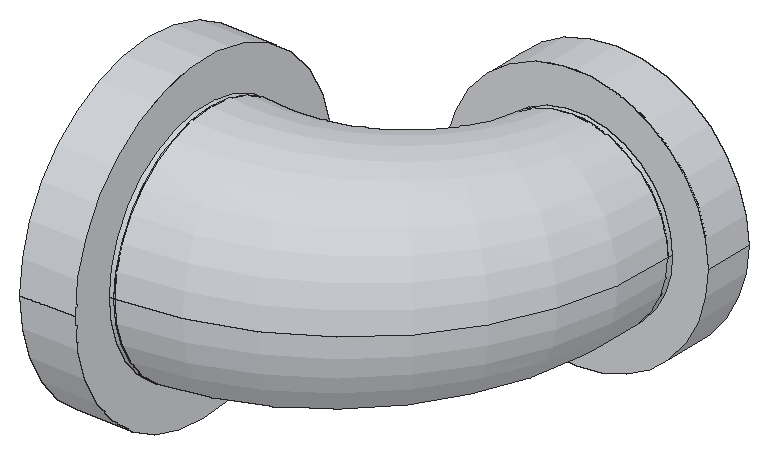
Revit family "Redução de dobra - PVC - CW", category Conexões de tubo, Revit 2019
Family settings
  Cota do conector redondo = Usar raio
  Tipo de parte = Cotovelo
  Com base no plano de trabalho = Não
  Sempre na vertical = Sim
  Corte com vazios quando carregada = Não
  Compartilhado = Não
Parameters (values of type "Padrão")
  Manufacturer = ""
  Nome da tabela de pesquisa = "BR_Bend Reducing - PVC - CW"
  Comprimento 4 [instance] = if(Comprimento 1 = Comprimento máximo 1, if(C2 Comprimento 1 = Comprimento máximo 1, 0.794 mm, if(C2 Comprimento 1 - Comprimento máximo 1 < 0.794 mm, 0.794 mm, C2 Comprimento 1 - Comprimento máximo 1)), 0.794 mm)  # 0.794 mm
  Comprimento 1 [instance] = if(Comprimento máximo 1 > Raio de isolamento máximo 12 * tan(Ângulo / 2), Comprimento máximo 1, Raio de isolamento máximo 12 * tan(Ângulo / 2) + 0.794 mm)  # 28.1 mm
  Comprimento máximo 1 [instance] = if(C1 Comprimento 1 > C2 Comprimento 1, C2 Comprimento 1, C1 Comprimento 1)  # 28.1 mm
  Comprimento 3 [instance] = Comprimento 1 + Comprimento 1 * cos(Ângulo)  # 28.1 mm
  Comprimento 7 [instance] = (Comprimento 4 + Profundidade do soquete 2) * cos(Ângulo) + Comprimento 1 + Comprimento 1 * cos(Ângulo)  # 28.1 mm
  Comprimento 6 [instance] = (Comprimento 4 + Profundidade do soquete 2) * sin(Ângulo)  # 7.694 mm
  Comprimento 5 [instance] = if(Comprimento 1 = Comprimento máximo 1, if(C1 Comprimento 1 = Comprimento máximo 1, 0.794 mm, if(C1 Comprimento 1 - Comprimento máximo 1 < 0.794 mm, 0.794 mm, C1 Comprimento 1 - Comprimento 1)), 0.794 mm)  # 0.794 mm
  Description = ""
  C1 Comprimento 1 [instance] = Centro ao final 1 - Profundidade do soquete 1  # 28.3 mm
  C2 Comprimento 1 [instance] = Centro ao final 2 - Profundidade do soquete 2  # 28.1 mm
  Comprimento 2 [instance] = Comprimento 1 * sin(Ângulo)  # 28.1 mm
  Tamanho da marca de cota 2 [instance] = Diâmetro externo da conexão 2 * 0.4  # 10.704 mm
  Tamanho da marca de cota 1 [instance] = Diâmetro externo da conexão 1 * 0.4  # 13.36 mm
  Raio nominal 2 [instance] = 10 mm
  Raio nominal 1 [instance] = 12.5 mm
  Diâmetro nominal 2 [instance] = Raio nominal 2 * 2  # 20 mm
  Diâmetro nominal 1 [instance] = Raio nominal 1 * 2  # 25 mm
  Loss Method = (empty or 0)
  K Coefficient Table = (empty or 0)
  Raio de isolamento máximo 12 [instance] = if(Raio externo da conexão 1 > Raio externo da conexão 2, Raio externo da conexão 1, Raio externo da conexão 2)  # 16.7 mm
  Raio externo da conexão 2 [instance] = Diâmetro externo da conexão 2 / 2  # 13.38 mm
  Raio externo da conexão 1 [instance] = Diâmetro externo da conexão 1 / 2  # 16.7 mm
  Diâmetro externo da conexão 1 [instance] = Diâmetro interno da conexão 1  # 33.4 mm
  Diâmetro externo da conexão 2 [instance] = Diâmetro interno da conexão 2  # 26.759 mm
  Diâmetro interno da conexão 2 [instance] = size_lookup(Nome da tabela de pesquisa, "FID", 1.08 * Diâmetro nominal 2 + 5.16 mm, Diâmetro nominal 2)  # 26.759 mm
  Diâmetro interno da conexão 1 [instance] = size_lookup(Nome da tabela de pesquisa, "FID", 1.08 * Diâmetro nominal 1 + 5.16 mm, Diâmetro nominal 1)  # 33.4 mm
  Centro ao final 2 [instance] = size_lookup(Nome da tabela de pesquisa, "CtE2", 0.32 * Diâmetro nominal 1 + 0.49 * Diâmetro nominal 2 + 16.50 mm, Diâmetro nominal 1, Diâmetro nominal 2)  # 35 mm
  Centro ao final 1 [instance] = size_lookup(Nome da tabela de pesquisa, "CtE1", 0.62 * Diâmetro nominal 1 + 0.24 * Diâmetro nominal 2 + 15.10 mm, Diâmetro nominal 1, Diâmetro nominal 2)  # 36 mm
  Raio do centro [instance] = Comprimento 1 / tan(Ângulo / 2)  # 28.1 mm
  Profundidade do soquete 2 [instance] = size_lookup(Nome da tabela de pesquisa, "SDpt", 0.12 * Diâmetro nominal 2 + 4.50 mm, Diâmetro nominal 2)  # 6.9 mm
  Profundidade do soquete 1 [instance] = size_lookup(Nome da tabela de pesquisa, "SDpt", 0.12 * Diâmetro nominal 1 + 4.50 mm, Diâmetro nominal 1)  # 7.7 mm
  Raio externo do soquete 2 [instance] = Diâmetro externo do soquete 2 / 2  # 18.5 mm
  Raio externo do soquete 1 [instance] = Diâmetro externo do soquete 1 / 2  # 22.5 mm
  Diâmetro externo do soquete 1 [instance] = size_lookup(Nome da tabela de pesquisa, "SOD", 1.23 * Diâmetro nominal 1 + 12.40 mm, Diâmetro nominal 1)  # 45 mm
  Diâmetro externo do soquete 2 [instance] = size_lookup(Nome da tabela de pesquisa, "SOD", 1.23 * Diâmetro nominal 2 + 12.40 mm, Diâmetro nominal 2)  # 37 mm
  Raio externo de isolamento do soquete 2 [instance] = (Diâmetro externo do soquete 2) / 2  # 18.5 mm
  Raio externo de isolamento do soquete 1 [instance] = (Diâmetro externo do soquete 1) / 2  # 22.5 mm
  Assembly Code = ""
  Ângulo 1 [instance] = 180.00° - Ângulo  # 90.00°
  Ângulo [instance] = 90.00°
Reference planes
  plane 1 "Centro (Frente/Trás)": y = 0
  plane 2: z = 0
  plane 3 "Centro (Esquerda/Direita)": x = 0
  plane 4: x = -28.1
  plane 5: x = 0
  plane 6: y = 28.1
  plane 7: y = 28.1
  plane 8: y = 35.794
  plane 9: x = 0
  plane 10: x = -28.894
  plane 11: x = -36.594
Forms (mm)
  Sweep 1, solid, detail levels fine
    path in 3D
      loop
        line (-28.1, 0, 0) -> (-28.894, 0, 0)
    profile origin (-28.497, 0, 0) x (0, -1, 0) y (0, 0, 1)
      loop
        circle (0, 0) r 16.7
  Sweep 2, solid, detail levels fine
    path in 3D
      loop
        line (0, 28.1, 0) -> (0, 28.894, 0)
    profile origin (0, 28.497, 0) x (-1, 0, 0) y (0, 0, 1)
      loop
        circle (0, 0) r 13.38
  Sweep 3, solid, detail levels fine
    path in 3D
      loop
        line (0, 28.894, 0) -> (0, 35.794, 0)
    profile origin (0, 32.344, 0) x (-1, 0, 0) y (0, 0, 1)
      loop
        circle (0, 0) r 18.5
  Sweep 4, solid, detail levels fine
    path in 3D
      loop
        line (-28.894, 0, 0) -> (-36.594, 0, 0)
    profile origin (-32.744, 0, 0) x (0, -1, 0) y (0, 0, 1)
      loop
        circle (0, 0) r 22.5
  SweptBlend 5, solid, detail levels fine
    path in 3D
      loop
        arc (-28.1, 0, 0) -> (-8.23, 8.23, 0) -> (0, 28.1, 0) r 28.1
    profile origin (-28.1, 0, 0) x (0, 1, 0) y (0, 0, 1)
      loop
        circle (0, 0) r 16.7
    end profile origin (0, 28.1, 0) x (-1, 0, 0) y (0, 0, 1)
      loop
        circle (0, 0) r 13.38
Cuts and joins
  joined: Sweep 1, Sweep 4
  joined: Sweep 2, Sweep 3
Lines and regions (mm)
  model lines, detail levels coarse+medium
    curve 1: line (-28.1, 0, 0) -> (-28.894, 0, 0)
    curve 2: line (-28.894, 0, 0) -> (-36.594, 0, 0)
    curve 5: line (0, 28.1, 0) -> (0, 28.894, 0)
    curve 6: line (0, 28.894, 0) -> (0, 35.794, 0)
    curve 10: line (-36.594, 0, 0) -> (-36.594, 13.36, 0)
    curve 11: line (-36.594, 0, 0) -> (-36.594, -13.36, 0)
    curve 12: arc (-28.1, 0, 0) -> (-8.23, 8.23, 0) -> (0, 28.1, 0) r 28.1
    curve 14: line (0, 35.794, 0) -> (10.704, 35.794, 0)
    curve 15: line (0, 35.794, 0) -> (-10.704, 35.794, 0)
  sketch lines
    curve 3: line (-28.1, 0, 0) -> (-28.894, 0, 0)
    curve 7: line (0, 28.1, 0) -> (0, 28.894, 0)
    curve 8: line (0, 28.894, 0) -> (0, 35.794, 0)
    curve 9: line (-28.894, 0, 0) -> (-36.594, 0, 0)
    curve 13: arc (-28.1, 0, 0) -> (-8.23, 8.23, 0) -> (0, 28.1, 0) r 28.1
  reference lines
    curve 4: line (0, 35.794, 0) -> (0, 30.694, 0)
    curve 16: line (0, 0, 0) -> (0, 7.358, 0)
Dimensions and locks
  "Comprimento 1": plane 4 to plane 3 "Centro (Esquerda/Direita)"
  "Comprimento 3": plane 4 to plane 5
  "Comprimento 2": plane 6 to plane 1 "Centro (Frente/Trás)"
  "Raio do centro": plane 7 to plane 1 "Centro (Frente/Trás)"
  "Comprimento 5": curve 1 to curve 1
  "Comprimento 6": plane 8 to plane 6
  "Comprimento 4": curve 5 to curve 5
  "Profundidade do soquete 2": curve 6 to curve 6
  "Comprimento 5": plane 10 to plane 4
  "Profundidade do soquete 1": plane 11 to plane 10
  "Profundidade do soquete 1": curve 2 to curve 2
  "Tamanho da marca de cota 1": curve 10 to curve 10
  "Tamanho da marca de cota 1": curve 11 to curve 11
  "Comprimento 7": plane 4 to plane 9
  "Tamanho da marca de cota 2": curve 14 to curve 14
  "Tamanho da marca de cota 2": curve 15 to curve 15
  "Raio externo da conexão 1": radius of Sweep 1 sketch curve
  "Raio externo da conexão 2": radius of Sweep 2 sketch curve
  "Raio externo do soquete 2": radius of Sweep 3 sketch curve
  "Raio externo do soquete 1": radius of Sweep 4 sketch curve
  "Raio externo da conexão 1": radius of SweptBlend 5 sketch curve
  "Raio externo da conexão 2": radius of SweptBlend 5 sketch curve
  "Ângulo": angle plane 8 to curve 4
  "Ângulo": angle plane 6 to curve 5
  "Ângulo 1": angle curve 5 to curve 1
  "Ângulo": angle plane 6 to curve 6
  angle curve 10 to curve 2 = 90.00°
  angle curve 11 to curve 2 = 90.00°
  "Ângulo": angle curve 12 to curve 12
  angle curve 5 to curve 14 = 90.00°
  locked: curve 15 to curve 5 (angle 90.00°)
  "Ângulo": angle plane 1 "Centro (Frente/Trás)" to curve 16
  aligned and locked: curve 1 to plane 1 "Centro (Frente/Trás)"
  aligned and locked: level to Sweep 1 sketch curve
  aligned and locked: plane 1 "Centro (Frente/Trás)" to Sweep 1 sketch curve
  aligned and locked: plane 8 to curve 4
  aligned and locked: plane 9 to curve 4
  aligned and locked: plane 5 to curve 5
  aligned and locked: plane 7 to curve 12
  aligned and locked: plane 8 to curve 15
  aligned and locked: plane 1 "Centro (Frente/Trás)" to curve 16
  aligned and locked: plane 3 "Centro (Esquerda/Direita)" to curve 16
Automatic sketch dimensions
  Sweep 2 sketch curve to profile plane = 0.00 mm  (x2)
  Sweep 3 sketch curve to profile plane = 0.00 mm  (x2)
  Sweep 4 sketch curve to profile plane = 0.00 mm  (x2)
  SweptBlend 5 sketch curve to profile plane = 0.00 mm  (x4)
  curve 11 to plane 11 = 0.00 mm
Connectors
  piping at (-36.594, 0, 0), diameter 25, driven by "Ângulo", driven by "Raio nominal 1"
    settings: on cut or joined group of Sweep 1, Sweep 4, index 1, connector inside diameter 25 mm, connector length 0.00 mm, flow factor 0, pipe flow 0.0 L/s, pressure drop 0.0 Pa, fitting loss kfactor 0, connector angle 90.00°, fixture units 0, engagement length 0.00 mm, angle of deflection 0.00°, flow configuration 0, flow direction 0, fitting loss method 0, system type 28, joint type 0, gender type 0, connector reference index 2, connector utility 0, adjustable connector no, is connector primary yes, connector description ""
  piping at (0, 35.794, 0), diameter 20, driven by "Ângulo", driven by "Raio nominal 2"
    settings: on cut or joined group of Sweep 2, Sweep 3, index 2, connector inside diameter 20 mm, connector length 0.00 mm, flow factor 0, pipe flow 0.0 L/s, pressure drop 0.0 Pa, fitting loss kfactor 0, connector angle 90.00°, fixture units 0, engagement length 0.00 mm, angle of deflection 0.00°, flow configuration 0, flow direction 0, fitting loss method 0, system type 28, joint type 0, gender type 0, connector reference index 1, connector utility 0, adjustable connector no, is connector primary no, connector description ""
